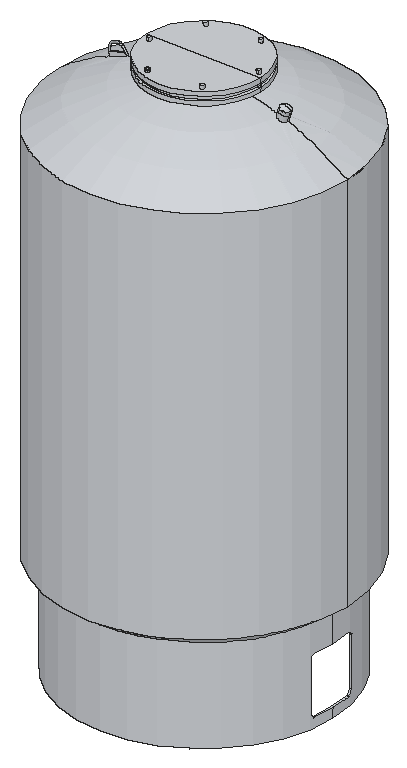
Revit family "FXA-4000", category Mechanical Equipment, Revit 2014
Parameters (values of type "FXA-4000")
  VoidLength = 7 1/2"
  URL = "http://westank.com/"
  TankVolume = "1056 Gallons"
  SystemConnectionAngle = 50.00°
  PartNumber = "21014000"
  OuterRadius = 15"
  Model = "FXA-4000"
  MaximumOperatingTemperature = "240°F"
  MaximumOperatingPressure = "125 PSIG"
  Manufacturer = "Wessels Company"
  InnerRadius = 14.766"
  InnerCircleDiameter = E - 3" / 4  # 53 1/4"
  HandleAngle = 120.00°
  G = 8 1/4"
  E = 54"
  F = 10"
  DrainAngle = 63.00°
  C = 4"
  BottomOfTheCylinder = 6.11811"
  B = 115"
  ApproximateShipmentWeight = "2638 lbs"
  Angle = 35.00°
  A = 60"
Reference planes (in)
  plane 1 "Center (Front/Back)": y = 0
  plane 2: z = 0
  plane 3 "Center (Left/Right)": x = 0
  plane 4: x = -30
  plane 5: y = 1.9685
  plane 6: y = -1.9685
  plane 7: z = 115
  plane 8: x = 30
  plane 9: y = 0.15626
  plane 10: y = -0.15626
  plane 11: x = 18
  plane 12: x = -27
  plane 13: x = 27
  plane 14: y = 0
  plane 15: y = 8.22887
  plane 16: y = -8.22887
  plane 17: through (0.00466, -180, 75.19677) normal (-0.9999, 0, -0.0139)
  plane 18: z = 129.36762
  plane 19: through (5.2036, -180, 8.83933) normal (-0.1726, 0, 0.985)
  plane 20: through (4.73728, -180, 11.50012) normal (-0.1726, 0, 0.985)
  plane 21: x = 10
  plane 22: x = 8
  plane 23: x = 12
  plane 24: z = 8.25
  plane 25: z = 113.22216
  plane 26: z = 111.44531
  plane 27: z = 99.83887
  plane 28: z = 100.33887
  plane 29: z = 99.33887
Forms (in)
  Revolve 1, solid
    sketch origin (0, 0, -5.12538) x (1, 0, 0) y (0, 0, 1)
      loop
        arc (0, 116.35706) -> (-15.79226, 114.19108) -> (-30, 106.96425) r 47.91295
        line (-30, 106.96425) -> (-30, 27.12372)
        arc (-30, 27.12372) -> (-15.80445, 19.84102) -> (0, 17.65684) r 47.61216
        line (0, 17.65684) -> (0, 116.35706)
      axis (0, 17.65684) -> (0, 116.35706)
    angle from 0 to 360
  Extrusion 2, solid
    sketch origin (0, 0, 0) x (1, 0, 0) y (0, 1, 0)
      loop
        circle (0, 0) r 27
      loop
        circle (0, 0) r 26.625
    from 24.65346 to 0
  Revolve 3, solid
    sketch origin (14.22965, 0, 74.64023) x (0.292372, 0, 0.956305) y (-0.956305, 0, 0.292372)
      loop
        line (33.07211, 7.81054) -> (33.07211, 6.72214) -> (34.57851, 6.72214) -> (34.57851, 6.75512) -> (35.38665, 6.75512)
        arc (35.38665, 6.75512) -> (35.73189, 7.2265) -> (35.7488, 7.81054) r 0.9835
        line (35.7488, 7.81054) -> (33.07211, 7.81054)
      axis (33.07211, 7.81054) -> (35.7488, 7.81054)
    angle from 0 to 360
  Sweep 4, solid
    path origin (-8.73981, 0, 72.8249) x (-0.265431, 0, 0.96413) y (-0.96413, 0, -0.265431)
      loop
        arc (37.41745, 1.05304) -> (39.16745, -0.69696) -> (37.41745, -2.44696) r 1.75
    profile origin (-18.46411, 0, 110.77241) x (-0.265431, 0, 0.96413) y (0, -1, 0)
      loop
        circle (0, 0) r 0.15625
  Extrusion 5, solid
    sketch origin (-7.44584, 0, 68.12477) x (-0.265431, 0, 0.96413) y (-0.96413, 0, -0.265431)
      loop
        line (42.29245, 1.20865) -> (41.31548, 1.20865) -> (41.31548, -2.60646) -> (42.29245, -2.60646) -> (42.29245, 1.20865)
    from 0.15626 to -0.15626
  Sweep 6, solid
    path origin (-12.625, 0, 42.58927) x (-1, 0, 0) y (0, 0, -1)
      loop
        arc (18.10198, -16.5) -> (19.85198, -18.25) -> (18.10198, -20) r 1.75
    profile origin (-32.47698, 0, 60.83927) x (-1, 0, 0) y (0, -1, 0)
      loop
        circle (0, 0) r 0.15625
  Extrusion 7, solid
    sketch origin (-7.75, 0, 42.58927) x (-1, 0, 0) y (0, 0, -1)
      loop
        line (22.97698, -16.34439) -> (22, -16.34439) -> (22, -20.1595) -> (22.97698, -20.1595) -> (22.97698, -16.34439)
    from 0.15626 to -0.15626
  Revolve 8, solid
    sketch origin (0.22045, 0, 73.50107) x (0, 0, 1) y (-1, 0, 0)
      loop
        line (41.03359, 0.22045) -> (36.63718, 0.22045) -> (36.63718, -6.99341)
        arc (36.63718, -6.99341) -> (37.48562, -6.62937) -> (38.40859, -6.60731) r 2.43519
        line (38.40859, -6.60731) -> (38.40859, -11.67222) -> (39.28359, -11.67222) -> (39.28359, -11.05594) -> (40.15859, -11.05594) -> (40.15859, -11.67222) -> (41.03359, -11.67222) -> (41.03359, 0.22045)
      axis (41.03359, 0.22045) -> (36.63718, 0.22045)
    angle from 0 to 360
  Revolve 9, solid
    sketch origin (2.81354, 0, 22.27473) x (0.172627, 0, -0.984987) y (0.984987, 0, 0.172627)
      loop
        line (13.18144, 5.26166) -> (9.44128, 5.26166) -> (9.44128, 2.12786)
        arc (9.44128, 2.12786) -> (10.42553, 2.35329) -> (11.40978, 2.12786) r 2.26145
        line (11.40978, 2.12786) -> (11.40978, -0.47276) -> (12.00033, -0.47276) -> (12.00033, 0.14353) -> (12.59089, 0.14353) -> (12.59089, -0.47276) -> (13.18144, -0.47276) -> (13.18144, 5.26166)
      axis (9.44128, 5.26166) -> (13.18144, 5.26166)
    angle from 0 to 360
  Extrusion 10, solid
    sketch origin (9.76687, -2.56268, 10.23894) x (-0.984979, 0, -0.172675) y (-0.000004, 1, 0.000023)
      loop
        circle (-3.74768, 6.40672) r 0.3937
    from 0.59055 to -2.11745
  Extrusion 11, solid
    sketch origin (11.6639, -2.64003, 10.57118) x (-0.747584, -0.651106, -0.131069) y (-0.641335, 0.758987, -0.112375)
      loop
        circle (-3.74768, 6.40672) r 0.3937
    from 0.59055 to -2.11248
  Extrusion 12, solid
    sketch origin (13.15336, -1.44481, 10.83203) x (-0.149831, -0.988362, -0.026308) y (-0.973528, 0.152123, -0.170595)
      loop
        circle (-3.74768, 6.40672) r 0.3937
    from 0.59055 to -2.10562
  Extrusion 13, solid
    sketch origin (13.51803, 0.44684, 10.89537) x (0.520149, -0.849202, 0.091112) y (-0.836457, -0.528068, -0.146572)
      loop
        circle (-3.74768, 6.40672) r 0.3937
    from 0.59055 to -2.11832
  Extrusion 14, solid
    sketch origin (12.58095, 2.1231, 10.73114) x (0.939407, -0.300705, 0.16459) y (-0.296195, -0.953717, -0.051887)
      loop
        circle (-3.74768, 6.40672) r 0.3937
    from 0.59055 to -2.10775
  Extrusion 15, solid
    sketch origin (10.79468, 2.77597, 10.41801) x (0.905852, 0.392739, 0.158709) y (0.386839, -0.91965, 0.067821)
      loop
        circle (-3.74768, 6.40672) r 0.3937
    from 0.59055 to -2.10608
  Extrusion 16, solid
    sketch origin (9.02019, 2.09076, 10.10699) x (0.435656, 0.896873, 0.076304) y (0.883404, -0.442288, 0.154848)
      loop
        circle (-3.74768, 6.40672) r 0.3937
    from 0.59055 to -2.11652
  Extrusion 17, solid
    sketch origin (8.11183, 0.39774, 9.94923) x (-0.244533, 0.968691, -0.042905) y (0.954145, 0.248268, 0.167246)
      loop
        circle (-3.74768, 6.40672) r 0.3937
    from 0.59055 to -2.10776
  Extrusion 18, solid
    sketch origin (8.50909, -1.48699, 10.0187) x (-0.806847, 0.573576, -0.141456) y (0.564961, 0.819153, 0.099038)
      loop
        circle (-3.74768, 6.40672) r 0.3937
    from 0.59055 to -2.10712
  Extrusion 19, solid
    sketch origin (7.35796, 0, -9.14698) x (0, 1, 0) y (1, 0, 0)
      loop
        circle (0, 2.64204) r 2
    from -20.64698 to -17.39698
  Extrusion 20, void
    sketch origin (0, -0.25, 0) x (0, 1, 0) y (0, 0, 1)
      loop
        arc (-4.15626, 14) -> (-4.63889, 13.73263) -> (-4.90626, 13.25) r 1
        line (-4.90626, 13.25) -> (-4.90626, 2.91491)
        arc (-4.90626, 2.91491) -> (-4.66396, 2.27523) -> (-4.06716, 1.94094) r 1
        line (-4.06716, 1.94094) -> (4.81753, 1.94094)
        arc (4.81753, 1.94094) -> (5.52464, 2.23384) -> (5.81753, 2.94094) r 1
        line (5.81753, 2.94094) -> (5.81753, 13)
        arc (5.81753, 13) -> (5.52464, 13.70711) -> (4.81753, 14) r 1
        line (4.81753, 14) -> (-4.15626, 14)
    from 28.68797 to 20.82767
  Extrusion 21, solid
    sketch origin (0.71411, -8.10943, 113.80635) x (-0.97815, -0.207903, -0.000022) y (0.207903, -0.97815, 0.000022)
      loop
        circle (5.04849, 0.53402) r 0.3937
    from 1.203 to -2.3622
  Extrusion 22, solid
    sketch origin (-6.66567, -4.67275, 113.80646) x (-0.669125, 0.74315, -0.000024) y (-0.74315, -0.669125, 0.000026)
      loop
        circle (5.04849, 0.53402) r 0.3937
    from 1.203 to -2.3622
  Extrusion 23, solid
    sketch origin (-7.38179, 3.42192, 113.80522) x (0.309024, 0.951054, 0.000116) y (-0.951054, 0.309024, 0.000004)
      loop
        circle (5.04849, 0.53402) r 0.3937
    from 1.203 to -2.3622
  Extrusion 24, solid
    sketch origin (-0.65906, 8.10942, 113.79328) x (0.978149, 0.207906, 0.000241) y (-0.207906, 0.978149, -0.000034)
      loop
        circle (5.04849, 0.53402) r 0.3937
    from 1.203 to -2.3622
  Extrusion 25, solid
    sketch origin (6.6666, 4.67441, 113.80662) x (0.669127, -0.743148, -0.000018) y (0.743148, 0.669127, 0.00001)
      loop
        circle (5.04849, 0.53402) r 0.3937
    from 1.203 to -2.3622
  Extrusion 26, solid
    sketch origin (7.39957, -3.42559, 113.80497) x (-0.30902, -0.951055, 0.000085) y (0.951055, -0.30902, -0.000004)
      loop
        circle (5.04849, 0.53402) r 0.3937
    from 1.203 to -2.3622
  Extrusion 27, solid
    sketch origin (0.71464, -8.10942, 113.80531) x (-0.978148, -0.207909, -0.000022) y (0.207909, -0.978148, 0.000022)
      loop
        circle (5.04849, 0.53402) r 0.3937
    from 1.203 to -2.3622
  Extrusion 28, solid
    sketch origin (0, 0, 9.25) x (0, 1, 0) y (0, 0, 1)
      loop
        circle (0, 90.58887) r 0.5
    from -29.59938 to -31.48875
Cuts and joins
  Extrusion 20 cuts Extrusion 2
  joined: Revolve 1, Extrusion 2, Revolve 3, Extrusion 5, Extrusion 7, Revolve 9, Extrusion 19, Extrusion 28
Dimensions and locks (in)
  equal spacing: plane 5, plane 1 "Center (Front/Back)", plane 6
  "B": plane 7 to level
  equal spacing: plane 8, plane 3 "Center (Left/Right)", plane 4
  "A": plane 8 to plane 4
  plane 9 to plane 10 = 0.31252"
  equal spacing: plane 13, plane 3 "Center (Left/Right)", plane 12
  "E": plane 13 to plane 12
  locked: Revolve 3 sketch curve to Revolve 3 sketch curve at 0.03297
  equal spacing: plane 15, plane 14, plane 16
  Revolve 8 sketch curve to Revolve 8 sketch curve = 1.77141"
  locked: Revolve 9 sketch curve to Revolve 9 sketch curve at 0.59055  (x3)
  locked: Revolve 9 sketch curve to Revolve 9 sketch curve at 1.9685
  locked: Extrusion 19 sketch curve to plane 1 "Center (Front/Back)" at 0
  equal spacing: plane 22, plane 21, plane 23
  "F": plane 21 to plane 3 "Center (Left/Right)"
  "C": plane 22 to plane 23
  Revolve 8 sketch curve to Revolve 8 sketch curve = 7/8"  (x3)
  locked: plane 7 to Revolve 8 sketch curve at 0.46534
  locked: Extrusion 28 sketch curve to plane 27
  Revolve 1 to plane 27 = 2"
  plane 28 to plane 29 = 1"
  "C": diameter of Extrusion 19 sketch curve
  "E": diameter of Extrusion 2 sketch curve
  "InnerCircleDiameter": diameter of Extrusion 2 sketch curve
  aligned and locked: level to plane 2
  aligned and locked: plane 4 to Revolve 1 sketch curve
  aligned and locked: Revolve 3 sketch curve to Revolve 3 sketch curve
  aligned and locked: Extrusion 5 sketch curve to Sweep 4
  aligned and locked: Extrusion 5 to plane 10
  aligned and locked: plane 9 to Extrusion 5
  aligned and locked: Extrusion 7 sketch curve to Sweep 6
  aligned and locked: Revolve 8 sketch curve to Revolve 8 sketch curve
  aligned and locked: Revolve 9 sketch curve to Revolve 9 sketch curve
  aligned and locked: Revolve 8 sketch curve to plane 3 "Center (Left/Right)"
  aligned and locked: Extrusion 19 to plane 24
Automatic sketch dimensions
  Revolve 1 sketch curve to plane 3 "Center (Left/Right)" = 0"  (x2)
  Revolve 1 sketch curve to plane 3 "Center (Left/Right)" = 1.47631"  (x2)
  plane 24 to Revolve 1 sketch curve = 4.28146"
  level to Revolve 1 sketch curve = 21.99834"
  Revolve 1 sketch curve to Revolve 1 sketch curve = 3.22075"
  Revolve 1 sketch curve to Revolve 1 sketch curve = 7.72812"
  plane 27 to Revolve 1 sketch curve = 9.18349"
  Extrusion 2 sketch curve to Extrusion 2 sketch curve = 0"  (x2)
  plane 1 "Center (Front/Back)" to Extrusion 2 sketch curve = 0"
  Extrusion 2 sketch curve to plane 3 "Center (Left/Right)" = 0"
  Revolve 3 sketch curve to plane 11 = 1.57026"
  plane 26 to Revolve 3 sketch curve = 2.89448"
  Revolve 3 sketch curve to Revolve 3 sketch curve = 1.5064"
  Revolve 3 sketch curve to Revolve 3 sketch curve = 0"
  Revolve 3 sketch curve to Revolve 3 sketch curve = 0.22312"
  Revolve 3 sketch curve to Revolve 3 sketch curve = 0.80814"
  Revolve 3 sketch curve to Revolve 3 sketch curve = 0.94717"
  Revolve 3 sketch curve to Revolve 3 sketch curve = 0.26484"
  Revolve 3 sketch curve to Revolve 3 sketch curve = 5.44847"
  Revolve 3 sketch curve to Revolve 3 sketch curve = 0.07201"
  plane 26 to Sweep 4 sketch curve = 2.36013"
  plane 12 to Sweep 4 sketch curve = 9.0004"
  Sweep 4 sketch curve to Sweep 4 sketch curve = 1 3/4"
  Sweep 4 sketch curve to profile plane = 0"
  profile plane to Sweep 4 sketch curve = 0"
  Extrusion 5 sketch curve to Extrusion 5 sketch curve = 0.97698"
  plane 26 to Extrusion 5 sketch curve = 1.85329"
  Extrusion 5 sketch curve to Extrusion 5 sketch curve = 3.81511"
  Sweep 6 sketch curve to plane 4 = 0.72698"
  plane 27 to Sweep 6 sketch curve = 38.9996"
  Sweep 6 sketch curve to Sweep 6 sketch curve = 1 3/4"
  Sweep 6 sketch curve to profile plane = 0"
  profile plane to Sweep 6 sketch curve = 0"
  plane 4 to Extrusion 7 sketch curve = 1/4"
  plane 27 to Extrusion 7 sketch curve = 37.0901"
  Extrusion 7 sketch curve to Extrusion 7 sketch curve = 3.81511"
  Revolve 8 sketch curve to plane 3 "Center (Left/Right)" = 0"
  Revolve 8 sketch curve to plane 26 = 0.05998"
  plane 22 to Revolve 8 sketch curve = 1.17224"
  Revolve 8 sketch curve to Revolve 8 sketch curve = 0.3861"
  plane 23 to Revolve 8 sketch curve = 0.72361"
  plane 23 to Revolve 8 sketch curve = 0.10733"
  plane 26 to Revolve 8 sketch curve = 0.65081"
  plane 7 to Revolve 8 sketch curve = 0.53466"
  plane 20 to Revolve 9 sketch curve = 1.50366"
  plane 20 to Revolve 9 sketch curve = 0.51941"
  plane 24 to Revolve 9 sketch curve = 0.95957"
  Revolve 9 sketch curve to Revolve 9 sketch curve = 0.5646"
  Revolve 9 sketch curve to Revolve 9 sketch curve = 0.61629"
  Revolve 9 sketch curve to Revolve 9 sketch curve = 2.03603"
  Revolve 9 sketch curve to Revolve 9 sketch curve = 3.1338"
  Revolve 9 sketch curve to Revolve 9 sketch curve = 19.38704"
  Revolve 9 sketch curve to Revolve 9 sketch curve = 0.1272"
  Revolve 9 sketch curve to Revolve 9 sketch curve = 0"
  Extrusion 19 sketch curve to plane 21 = 0"
  plane 16 to Extrusion 20 sketch curve = 3.0726"
  Extrusion 20 sketch curve to Extrusion 20 sketch curve = 3/4"
  Extrusion 20 sketch curve to Extrusion 20 sketch curve = 0.8391"
  Extrusion 20 sketch curve to Extrusion 20 sketch curve = 0.97448"  (x2)
  Extrusion 20 sketch curve to Extrusion 20 sketch curve = 0.99992"
  plane 5 to Extrusion 20 sketch curve = 2.59903"  (x2)
  Extrusion 20 sketch curve to Extrusion 20 sketch curve = 1"
  level to Extrusion 20 sketch curve = 1.94094"
  Extrusion 20 sketch curve to Extrusion 20 sketch curve = 0.97397"
  plane 24 to Extrusion 20 sketch curve = 4 3/4"
  Extrusion 28 sketch curve to plane 1 "Center (Front/Back)" = 0"
  Revolve 1 sketch curve to plane 27 = 2"
  radius of Extrusion 21 sketch curve = 0.3937"
  radius of Extrusion 22 sketch curve = 0.3937"
  radius of Extrusion 23 sketch curve = 0.3937"
  radius of Extrusion 24 sketch curve = 0.3937"
  radius of Extrusion 25 sketch curve = 0.3937"
  radius of Extrusion 26 sketch curve = 0.3937"
  radius of Extrusion 27 sketch curve = 0.3937"
  radius of Sweep 4 sketch curve = 5/32"
  radius of Sweep 6 sketch curve = 5/32"
  radius of Extrusion 10 sketch curve = 0.3937"
  radius of Extrusion 11 sketch curve = 0.3937"
  radius of Extrusion 12 sketch curve = 0.3937"
  radius of Extrusion 13 sketch curve = 0.3937"
  radius of Extrusion 14 sketch curve = 0.3937"
  radius of Extrusion 15 sketch curve = 0.3937"
  radius of Extrusion 16 sketch curve = 0.3937"
  radius of Extrusion 17 sketch curve = 0.3937"
  radius of Extrusion 18 sketch curve = 0.3937"
  radius of Extrusion 28 sketch curve = 1/2"
Connectors (in)
  piping at (10, 0, 8.25), diameter 4, driven by "C"
    settings: on Extrusion 19, index 1, connector inside diameter 24", connector length 0", flow factor 0, pipe flow 0 GPM, pressure drop 0.00 psi, fitting loss kfactor 0, connector angle 0.00°, fixture units 0, engagement length 0", angle of deflection 0.00°, flow configuration 0, flow direction 0, fitting loss method 0, system type 7, joint type 0, gender type 0, connector reference index -1, connector utility 0, adjustable connector no, is connector primary yes, connector description ""
